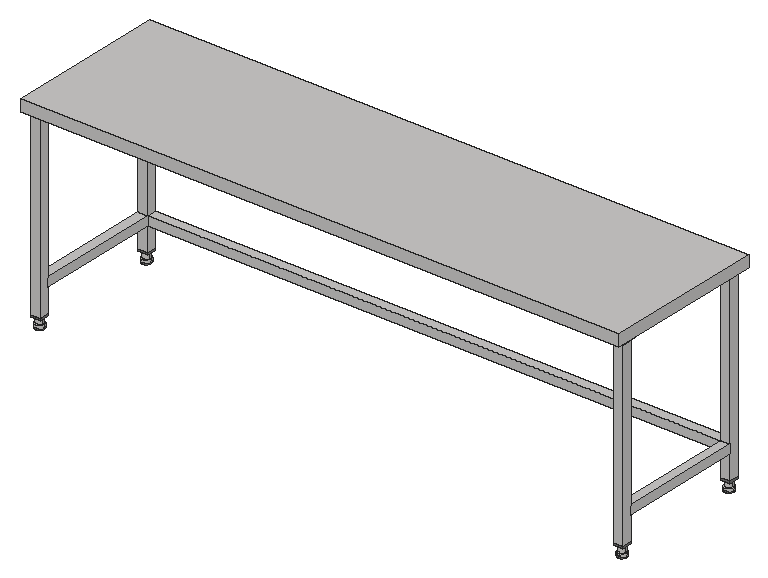
Revit family "QF_ZANUSSI_133225_TG2600N", category Attrezzature speciali, Revit 2020
Family settings
  Quota connettore circolare = Usa diametro
  Tipo di parte = Normale
  Basato su piano di lavoro = No
  Sempre verticale = Sì
  Taglio con vuoti quando caricato = No
  Condiviso = No
  Punto di calcolo locali = No
Parameters (values of type "Standard")
  Weight = 91.00 kg
  Watts = 0 W
  Volts = 0 V
  URL Manufacturer = "http://www.zanussiprofessional.com"
  URL = "http://www.zanussiprofessional.com"
  Steam Supply Size = 0 mm
  Steam Supply Minimum Pressure = 0.0 Pa
  Steam Supply Maximum Pressure = 0.0 Pa
  Steam Consumption per Hour = 0
  Refrigeration Suction Line Size = 0.0 mm
  Refrigeration Liquid Line Size = 0.0 mm
  Refrigerant Compressor Remote = yes
  Prospetto di default = 0.0 mm
  Produttore = "Zanussi"
  Phase = 0
  Modello = "TG2600N"
  Length Actual = 2600.0 mm  # constant formula
  Item Number = "133225"
  Hot Water Size = 0 mm
  Height Actual = 900.0 mm  # constant formula
  HP = "0 HP"
  Gas Size = 0 mm
  Gas KW = 0
  Gas Input Pressure = 0 W
  Direct Waste Size = 0 mm
  Descrizione = "WORK TABLE 2600 MM+UNDERFRAME"
  Depth Actual = 700.0 mm  # constant formula
  Cycle = 0 Hz
  Condensate Return Size = 0 mm
  Compressed Air Volume = 0.0 L/s
  Compressed Air Size = 0 mm
  Compressed Air Pressure = 0.0 Pa
  Cold Water Size = 0 mm
  Accessory = yes
Reference planes
  plane 1 "Center (Front/Back)": y = 0
  plane 2: z = 0
  plane 3 "Center (Left/Right)": x = -800
  plane 4 "LEFT": x = -2100
  plane 5 "RIGHT": x = 500
  plane 6 "BACK": y = 350
  plane 7 "FRONT": y = -350
  plane 8 "Base": z = 850
  plane 9 "TOP": z = 900
  plane 10: x = -2064.5
  plane 11: x = 464.5
  plane 12: y = 290
  plane 13: y = -290
Forms (mm)
  Extrusion 1, solid, material "QF_Finishes_Stainless Steel"
    sketch origin (-800, 0, 0) x (0, 1, 0) y (0, 0, 1)
      loop
        line (-350, 850) -> (350, 850) -> (350, 900) -> (-350, 900) -> (-350, 850)
    from 1300 to -1300
  Extrusion 2, solid, material "QF_Finishes_Stainless Steel"
    sketch origin (-800, 0, 0) x (0, 1, 0) y (0, 0, 1)
      loop
        line (270, 195) -> (270, 155) -> (310, 155) -> (310, 195) -> (270, 195)
    from 1244.5 to -1244.5
  Extrusion 3, solid, material "QF_Finishes_Stainless Steel"
    sketch origin (0, 0, 0) x (1, 0, 0) y (0, 0, 1)
      loop
        line (-2044.5, 195) -> (-2084.5, 195) -> (-2084.5, 155) -> (-2044.5, 155) -> (-2044.5, 195)
      loop
        line (484.5, 195) -> (444.5, 195) -> (444.5, 155) -> (484.5, 155) -> (484.5, 195)
    from 270 to -270
Lines and regions (mm)
  symbolic lines
    curve 1: line (500, 350, 900) -> (-2100, 350, 900)
    curve 2: line (-2100, 350, 900) -> (-2100, -350, 900)
    curve 3: line (-2100, -350, 900) -> (500, -350, 900)
    curve 4: line (500, -350, 900) -> (500, 350, 900)
    curve 5: line (500, 337, 900) -> (-2100, 337, 900)
Dimensions and locks
  plane 4 "LEFT" to plane 5 "RIGHT" = 2600.0 mm
  equal spacing: plane 4 "LEFT", plane 3 "Center (Left/Right)", plane 5 "RIGHT"
  plane 4 "LEFT" to plane 10 = 35.5 mm
  plane 11 to plane 5 "RIGHT" = 35.5 mm
  plane 10 to plane 11 = 2529.0 mm
  plane 6 "BACK" to plane 12 = 60.0 mm
  plane 13 to plane 7 "FRONT" = 60.0 mm
  plane 6 "BACK" to plane 7 "FRONT" = 700.0 mm
  plane 12 to plane 13 = 580.0 mm
  equal spacing: plane 6 "BACK", plane 1 "Center (Front/Back)", plane 7 "FRONT"
  locked: plane 9 "TOP" to level at 900
  locked: plane 8 "Base" to level at 850
  aligned and locked: level to plane 2
  aligned and locked: plane 11 to nested 2
  aligned and locked: nested 2 to plane 12
  aligned and locked: plane 10 to nested 1
  aligned and locked: nested 1 to plane 12
  aligned and locked: Extrusion 1 to plane 4 "LEFT"
  aligned and locked: plane 5 "RIGHT" to Extrusion 1
  aligned and locked: curve 2 to plane 4 "LEFT"
  aligned and locked: nested 4 to nested 3
  aligned and locked: plane 10 to nested 4
  aligned and locked: nested 4 to plane 13
  aligned and locked: nested 3 to plane 13
Automatic sketch dimensions
  curve 3 to plane 7 "FRONT" = 0.0 mm
  curve 5 to plane 5 "RIGHT" = 0.0 mm
  curve 4 to plane 6 "BACK" = 0.0 mm
  curve 5 to plane 6 "BACK" = 13.0 mm
  Extrusion 1 sketch curve to plane 7 "FRONT" = 0.0 mm
  Extrusion 1 sketch curve to plane 9 "TOP" = 0.0 mm
  Extrusion 1 sketch curve to plane 8 "Base" = 0.0 mm
  Extrusion 2 sketch curve to plane 12 = 20.0 mm
  plane 12 to Extrusion 2 sketch curve = 20.0 mm
  level to Extrusion 2 sketch curve = 155.0 mm
  Extrusion 2 sketch curve to Extrusion 2 sketch curve = 40.0 mm
  plane 4 "LEFT" to Extrusion 3 sketch curve = 15.5 mm
  plane 10 to Extrusion 3 sketch curve = 20.0 mm
  Extrusion 3 sketch curve to plane 11 = 20.0 mm
  Extrusion 3 sketch curve to plane 5 "RIGHT" = 15.5 mm
  level to Extrusion 3 sketch curve = 155.0 mm  (x2)
  Extrusion 3 sketch curve to Extrusion 3 sketch curve = 40.0 mm  (x2)
  Extrusion 1 sketch curve to plane 6 "BACK" = 0.0 mm
Nested families
  nested 1: "FEET_40x40_APP42" at (-2064.5, 290, 0), type "FEET_40x40_APP42"
  nested 2: "FEET_40x40_APP42" at (464.5, 290, 0), type "FEET_40x40_APP42"
  nested 3: "FEET_40x40_APP42" at (464.5, -290, 0), type "FEET_40x40_APP42"
  nested 4: "FEET_40x40_APP42" at (-2064.5, -290, 0), type "FEET_40x40_APP42"
Definition of nested family "FEET_40x40_APP42"
  Parameters
    Default Elevation = 0.0 mm
    FEET = 850.0 mm
  Reference planes
    plane 1 "Center (Front/Back)": y = 0
    plane 2: z = 0
    plane 3 "Center (Left/Right)": x = 0
    plane 4: z = 850
  Forms (mm)
    Extrusion 1, solid
      sketch origin (0, 0, 0) x (1, 0, 0) y (0, 1, 0)
        loop
          line (-20, -20) -> (20, -20) -> (20, 20) -> (-20, 20) -> (-20, -20)
      from 50 to 845
    Extrusion 2, solid
      sketch origin (0, 0, 0) x (1, 0, 0) y (0, 1, 0)
        loop
          circle (0, 0) r 20
      from 0 to 5
    Extrusion 3, solid
      sketch origin (0, 0, 0) x (1, 0, 0) y (0, 1, 0)
        loop
          line (30, 30) -> (-30, 30) -> (-30, -30) -> (30, -30) -> (30, 30)
      from 845 to 850
    Extrusion 4, solid
      sketch origin (0, 0, 0) x (1, 0, 0) y (0, 1, 0)
        loop
          line (-20, -20) -> (20, -20) -> (20, 20) -> (-20, 20) -> (-20, -20)
      from 50 to 42
    Revolve 5, solid
      sketch origin (0, 0, 0) x (1, 0, 0) y (0, 0, 1)
        loop
          line (0, 42) -> (-15, 42) -> (-15, 20) -> (-20, 15) -> (-20, 5) -> (0, 5) -> (0, 42)
        axis (0, 42) -> (0, 5)
      angle from 0 to 360
  Lines and regions (mm)
    symbolic lines
      curve 1: line (0, -1.503, 0) -> (0, 1.508, 0)
      curve 2: line (1.561, 0, 0) -> (-1.439, 0, 0)
  Dimensions and locks
    "FEET": plane 4 to plane 2
    aligned and locked: level to plane 2
  Automatic sketch dimensions
    plane 1 "Center (Front/Back)" to curve 2 = 0.0 mm
    curve 1 to plane 3 "Center (Left/Right)" = 0.0 mm
    curve 2 to plane 3 "Center (Left/Right)" = 1.439 mm
    plane 3 "Center (Left/Right)" to curve 2 = 1.561 mm
    plane 1 "Center (Front/Back)" to curve 1 = 1.503 mm
    curve 1 to plane 1 "Center (Front/Back)" = 1.508 mm
    Extrusion 1 sketch curve to plane 3 "Center (Left/Right)" = 20.0 mm
    plane 3 "Center (Left/Right)" to Extrusion 1 sketch curve = 20.0 mm
    plane 1 "Center (Front/Back)" to Extrusion 1 sketch curve = 20.0 mm
    Extrusion 1 sketch curve to plane 1 "Center (Front/Back)" = 20.0 mm
    plane 1 "Center (Front/Back)" to Extrusion 2 sketch curve = 0.0 mm
    Extrusion 2 sketch curve to plane 3 "Center (Left/Right)" = 0.0 mm
    Extrusion 3 sketch curve to plane 3 "Center (Left/Right)" = 30.0 mm
    plane 3 "Center (Left/Right)" to Extrusion 3 sketch curve = 30.0 mm
    plane 1 "Center (Front/Back)" to Extrusion 3 sketch curve = 30.0 mm
    Extrusion 3 sketch curve to plane 1 "Center (Front/Back)" = 30.0 mm
    Extrusion 4 sketch curve to plane 3 "Center (Left/Right)" = 20.0 mm
    plane 3 "Center (Left/Right)" to Extrusion 4 sketch curve = 20.0 mm
    plane 1 "Center (Front/Back)" to Extrusion 4 sketch curve = 20.0 mm
    Extrusion 4 sketch curve to plane 1 "Center (Front/Back)" = 20.0 mm
    Revolve 5 sketch curve to plane 3 "Center (Left/Right)" = 0.0 mm  (x2)
    Revolve 5 sketch curve to plane 3 "Center (Left/Right)" = 15.0 mm
    Revolve 5 sketch curve to Revolve 5 sketch curve = 5.0 mm  (x3)
    level to Revolve 5 sketch curve = 5.0 mm
    Revolve 5 sketch curve to Revolve 5 sketch curve = 10.0 mm
    Revolve 5 sketch curve to Revolve 5 sketch curve = 22.0 mm
    Revolve 5 sketch curve to level = 9.561 mm
    radius of Extrusion 2 sketch curve = 20.0 mm
